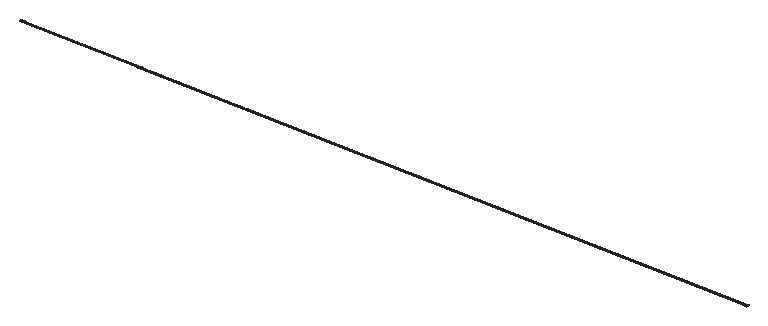
Revit family "0068172", category Lighting Fixtures, host Face, Revit 2017 (continued)
Forms (mm)
  Extrusion 71, solid
    sketch origin (999.592, 0, 0) x (1, 0, 0) y (0, 1, 0)
      loop
        line (86.3, -1.5) -> (86.3, 1.5) -> (84.3, 1.5) -> (84.3, -1.5) -> (86.3, -1.5)
    from -1.2 to -0.5
  Extrusion 72, solid
    sketch origin (1099.551, 0, 0) x (1, 0, 0) y (0, 1, 0)
      loop
        line (19.9, 1.5) -> (17.9, 1.5) -> (17.9, -1.5) -> (19.9, -1.5) -> (19.9, 1.5)
      loop
        line (34.5, 1.5) -> (34.5, -1.5) -> (36.5, -1.5) -> (36.5, 1.5) -> (34.5, 1.5)
      loop
        line (69.7, 1.5) -> (67.7, 1.5) -> (67.7, -1.5) -> (69.7, -1.5) -> (69.7, 1.5)
      loop
        line (86.3, -1.5) -> (86.3, 1.5) -> (84.3, 1.5) -> (84.3, -1.5) -> (86.3, -1.5)
    from -1.2 to -0.5
  Extrusion 73, solid
    sketch origin (1199.51, 0, 0) x (1, 0, 0) y (0, 1, 0)
      loop
        line (19.9, 1.5) -> (17.9, 1.5) -> (17.9, -1.5) -> (19.9, -1.5) -> (19.9, 1.5)
      loop
        line (34.5, 1.5) -> (34.5, -1.5) -> (36.5, -1.5) -> (36.5, 1.5) -> (34.5, 1.5)
      loop
        line (69.7, 1.5) -> (67.7, 1.5) -> (67.7, -1.5) -> (69.7, -1.5) -> (69.7, 1.5)
      loop
        line (86.3, -1.5) -> (86.3, 1.5) -> (84.3, 1.5) -> (84.3, -1.5) -> (86.3, -1.5)
    from -1.2 to -0.5
  Extrusion 74, solid
    sketch origin (1299.469, 0, 0) x (1, 0, 0) y (0, 1, 0)
      loop
        line (19.9, 1.5) -> (17.9, 1.5) -> (17.9, -1.5) -> (19.9, -1.5) -> (19.9, 1.5)
      loop
        line (34.5, 1.5) -> (34.5, -1.5) -> (36.5, -1.5) -> (36.5, 1.5) -> (34.5, 1.5)
      loop
        line (69.7, 1.5) -> (67.7, 1.5) -> (67.7, -1.5) -> (69.7, -1.5) -> (69.7, 1.5)
      loop
        line (86.3, -1.5) -> (86.3, 1.5) -> (84.3, 1.5) -> (84.3, -1.5) -> (86.3, -1.5)
    from -1.2 to -0.5
  Extrusion 75, solid
    sketch origin (1399.429, 0, 0) x (1, 0, 0) y (0, 1, 0)
      loop
        line (19.9, 1.5) -> (17.9, 1.5) -> (17.9, -1.5) -> (19.9, -1.5) -> (19.9, 1.5)
      loop
        line (34.5, 1.5) -> (34.5, -1.5) -> (36.5, -1.5) -> (36.5, 1.5) -> (34.5, 1.5)
      loop
        line (69.7, 1.5) -> (67.7, 1.5) -> (67.7, -1.5) -> (69.7, -1.5) -> (69.7, 1.5)
      loop
        line (86.3, -1.5) -> (86.3, 1.5) -> (84.3, 1.5) -> (84.3, -1.5) -> (86.3, -1.5)
    from -1.2 to -0.5
  Extrusion 76, solid
    sketch origin (1499.388, 0, 0) x (1, 0, 0) y (0, 1, 0)
      loop
        line (19.9, 1.5) -> (17.9, 1.5) -> (17.9, -1.5) -> (19.9, -1.5) -> (19.9, 1.5)
      loop
        line (34.5, 1.5) -> (34.5, -1.5) -> (36.5, -1.5) -> (36.5, 1.5) -> (34.5, 1.5)
      loop
        line (69.7, 1.5) -> (67.7, 1.5) -> (67.7, -1.5) -> (69.7, -1.5) -> (69.7, 1.5)
      loop
        line (86.3, -1.5) -> (86.3, 1.5) -> (84.3, 1.5) -> (84.3, -1.5) -> (86.3, -1.5)
    from -1.2 to -0.5
  Extrusion 77, solid
    sketch origin (1599.347, 0, 0) x (1, 0, 0) y (0, 1, 0)
      loop
        line (19.9, 1.5) -> (17.9, 1.5) -> (17.9, -1.5) -> (19.9, -1.5) -> (19.9, 1.5)
      loop
        line (34.5, 1.5) -> (34.5, -1.5) -> (36.5, -1.5) -> (36.5, 1.5) -> (34.5, 1.5)
      loop
        line (69.7, 1.5) -> (67.7, 1.5) -> (67.7, -1.5) -> (69.7, -1.5) -> (69.7, 1.5)
      loop
        line (86.3, -1.5) -> (86.3, 1.5) -> (84.3, 1.5) -> (84.3, -1.5) -> (86.3, -1.5)
    from -1.2 to -0.5
  Extrusion 78, solid
    sketch origin (1699.306, 0, 0) x (1, 0, 0) y (0, 1, 0)
      loop
        line (19.9, 1.5) -> (17.9, 1.5) -> (17.9, -1.5) -> (19.9, -1.5) -> (19.9, 1.5)
      loop
        line (34.5, 1.5) -> (34.5, -1.5) -> (36.5, -1.5) -> (36.5, 1.5) -> (34.5, 1.5)
      loop
        line (69.7, 1.5) -> (67.7, 1.5) -> (67.7, -1.5) -> (69.7, -1.5) -> (69.7, 1.5)
      loop
        line (86.3, -1.5) -> (86.3, 1.5) -> (84.3, 1.5) -> (84.3, -1.5) -> (86.3, -1.5)
    from -1.2 to -0.5
  Extrusion 79, solid
    sketch origin (1799.265, 0, 0) x (1, 0, 0) y (0, 1, 0)
      loop
        line (19.9, 1.5) -> (17.9, 1.5) -> (17.9, -1.5) -> (19.9, -1.5) -> (19.9, 1.5)
      loop
        line (34.5, 1.5) -> (34.5, -1.5) -> (36.5, -1.5) -> (36.5, 1.5) -> (34.5, 1.5)
      loop
        line (69.7, 1.5) -> (67.7, 1.5) -> (67.7, -1.5) -> (69.7, -1.5) -> (69.7, 1.5)
      loop
        line (86.3, -1.5) -> (86.3, 1.5) -> (84.3, 1.5) -> (84.3, -1.5) -> (86.3, -1.5)
    from -1.2 to -0.5
  Extrusion 80, solid
    sketch origin (1899.224, 0, 0) x (1, 0, 0) y (0, 1, 0)
      loop
        line (19.9, 1.5) -> (17.9, 1.5) -> (17.9, -1.5) -> (19.9, -1.5) -> (19.9, 1.5)
      loop
        line (34.5, 1.5) -> (34.5, -1.5) -> (36.5, -1.5) -> (36.5, 1.5) -> (34.5, 1.5)
      loop
        line (69.7, 1.5) -> (67.7, 1.5) -> (67.7, -1.5) -> (69.7, -1.5) -> (69.7, 1.5)
      loop
        line (86.3, -1.5) -> (86.3, 1.5) -> (84.3, 1.5) -> (84.3, -1.5) -> (86.3, -1.5)
    from -1.2 to -0.5
  Extrusion 81, solid
    sketch origin (1999.184, 0, 0) x (1, 0, 0) y (0, 1, 0)
      loop
        line (19.9, 1.5) -> (17.9, 1.5) -> (17.9, -1.5) -> (19.9, -1.5) -> (19.9, 1.5)
      loop
        line (34.5, 1.5) -> (34.5, -1.5) -> (36.5, -1.5) -> (36.5, 1.5) -> (34.5, 1.5)
      loop
        line (69.7, 1.5) -> (67.7, 1.5) -> (67.7, -1.5) -> (69.7, -1.5) -> (69.7, 1.5)
      loop
        line (86.3, -1.5) -> (86.3, 1.5) -> (84.3, 1.5) -> (84.3, -1.5) -> (86.3, -1.5)
    from -1.2 to -0.5
  Extrusion 82, solid
    sketch origin (2099.143, 0, 0) x (1, 0, 0) y (0, 1, 0)
      loop
        line (19.9, 1.5) -> (17.9, 1.5) -> (17.9, -1.5) -> (19.9, -1.5) -> (19.9, 1.5)
      loop
        line (34.5, 1.5) -> (34.5, -1.5) -> (36.5, -1.5) -> (36.5, 1.5) -> (34.5, 1.5)
      loop
        line (69.7, 1.5) -> (67.7, 1.5) -> (67.7, -1.5) -> (69.7, -1.5) -> (69.7, 1.5)
      loop
        line (86.3, -1.5) -> (86.3, 1.5) -> (84.3, 1.5) -> (84.3, -1.5) -> (86.3, -1.5)
    from -1.2 to -0.5
  Extrusion 83, solid
    sketch origin (2199.102, 0, 0) x (1, 0, 0) y (0, 1, 0)
      loop
        line (19.9, 1.5) -> (17.9, 1.5) -> (17.9, -1.5) -> (19.9, -1.5) -> (19.9, 1.5)
      loop
        line (34.5, 1.5) -> (34.5, -1.5) -> (36.5, -1.5) -> (36.5, 1.5) -> (34.5, 1.5)
      loop
        line (69.7, 1.5) -> (67.7, 1.5) -> (67.7, -1.5) -> (69.7, -1.5) -> (69.7, 1.5)
      loop
        line (86.3, -1.5) -> (86.3, 1.5) -> (84.3, 1.5) -> (84.3, -1.5) -> (86.3, -1.5)
    from -1.2 to -0.5
  Extrusion 84, solid
    sketch origin (2299.061, 0, 0) x (1, 0, 0) y (0, 1, 0)
      loop
        line (19.9, 1.5) -> (17.9, 1.5) -> (17.9, -1.5) -> (19.9, -1.5) -> (19.9, 1.5)
      loop
        line (34.5, 1.5) -> (34.5, -1.5) -> (36.5, -1.5) -> (36.5, 1.5) -> (34.5, 1.5)
      loop
        line (69.7, 1.5) -> (67.7, 1.5) -> (67.7, -1.5) -> (69.7, -1.5) -> (69.7, 1.5)
      loop
        line (86.3, -1.5) -> (86.3, 1.5) -> (84.3, 1.5) -> (84.3, -1.5) -> (86.3, -1.5)
    from -1.2 to -0.5
  Extrusion 85, solid
    sketch origin (2399.02, 0, 0) x (1, 0, 0) y (0, 1, 0)
      loop
        line (19.9, 1.5) -> (17.9, 1.5) -> (17.9, -1.5) -> (19.9, -1.5) -> (19.9, 1.5)
      loop
        line (34.5, 1.5) -> (34.5, -1.5) -> (36.5, -1.5) -> (36.5, 1.5) -> (34.5, 1.5)
      loop
        line (69.7, 1.5) -> (67.7, 1.5) -> (67.7, -1.5) -> (69.7, -1.5) -> (69.7, 1.5)
      loop
        line (86.3, -1.5) -> (86.3, 1.5) -> (84.3, 1.5) -> (84.3, -1.5) -> (86.3, -1.5)
    from -1.2 to -0.5
  Extrusion 86, solid
    sketch origin (2498.98, 0, 0) x (1, 0, 0) y (0, 1, 0)
      loop
        line (19.9, 1.5) -> (17.9, 1.5) -> (17.9, -1.5) -> (19.9, -1.5) -> (19.9, 1.5)
      loop
        line (34.5, 1.5) -> (34.5, -1.5) -> (36.5, -1.5) -> (36.5, 1.5) -> (34.5, 1.5)
      loop
        line (69.7, 1.5) -> (67.7, 1.5) -> (67.7, -1.5) -> (69.7, -1.5) -> (69.7, 1.5)
      loop
        line (86.3, -1.5) -> (86.3, 1.5) -> (84.3, 1.5) -> (84.3, -1.5) -> (86.3, -1.5)
    from -1.2 to -0.5
  Extrusion 87, solid
    sketch origin (2598.939, 0, 0) x (1, 0, 0) y (0, 1, 0)
      loop
        line (19.9, 1.5) -> (17.9, 1.5) -> (17.9, -1.5) -> (19.9, -1.5) -> (19.9, 1.5)
      loop
        line (34.5, 1.5) -> (34.5, -1.5) -> (36.5, -1.5) -> (36.5, 1.5) -> (34.5, 1.5)
      loop
        line (69.7, 1.5) -> (67.7, 1.5) -> (67.7, -1.5) -> (69.7, -1.5) -> (69.7, 1.5)
      loop
        line (86.3, -1.5) -> (86.3, 1.5) -> (84.3, 1.5) -> (84.3, -1.5) -> (86.3, -1.5)
    from -1.2 to -0.5
  Extrusion 88, solid
    sketch origin (2698.898, 0, 0) x (1, 0, 0) y (0, 1, 0)
      loop
        line (19.9, 1.5) -> (17.9, 1.5) -> (17.9, -1.5) -> (19.9, -1.5) -> (19.9, 1.5)
      loop
        line (34.5, 1.5) -> (34.5, -1.5) -> (36.5, -1.5) -> (36.5, 1.5) -> (34.5, 1.5)
      loop
        line (69.7, 1.5) -> (67.7, 1.5) -> (67.7, -1.5) -> (69.7, -1.5) -> (69.7, 1.5)
      loop
        line (86.3, -1.5) -> (86.3, 1.5) -> (84.3, 1.5) -> (84.3, -1.5) -> (86.3, -1.5)
    from -1.2 to -0.5
  Extrusion 89, solid
    sketch origin (2798.857, 0, 0) x (1, 0, 0) y (0, 1, 0)
      loop
        line (19.9, 1.5) -> (17.9, 1.5) -> (17.9, -1.5) -> (19.9, -1.5) -> (19.9, 1.5)
      loop
        line (34.5, 1.5) -> (34.5, -1.5) -> (36.5, -1.5) -> (36.5, 1.5) -> (34.5, 1.5)
      loop
        line (69.7, 1.5) -> (67.7, 1.5) -> (67.7, -1.5) -> (69.7, -1.5) -> (69.7, 1.5)
      loop
        line (86.3, -1.5) -> (86.3, 1.5) -> (84.3, 1.5) -> (84.3, -1.5) -> (86.3, -1.5)
    from -1.2 to -0.5
  Extrusion 90, solid
    sketch origin (2898.816, 0, 0) x (1, 0, 0) y (0, 1, 0)
      loop
        line (19.9, 1.5) -> (17.9, 1.5) -> (17.9, -1.5) -> (19.9, -1.5) -> (19.9, 1.5)
      loop
        line (34.5, 1.5) -> (34.5, -1.5) -> (36.5, -1.5) -> (36.5, 1.5) -> (34.5, 1.5)
      loop
        line (69.7, 1.5) -> (67.7, 1.5) -> (67.7, -1.5) -> (69.7, -1.5) -> (69.7, 1.5)
      loop
        line (86.3, -1.5) -> (86.3, 1.5) -> (84.3, 1.5) -> (84.3, -1.5) -> (86.3, -1.5)
    from -1.2 to -0.5
  Extrusion 91, solid
    sketch origin (2998.776, 0, 0) x (1, 0, 0) y (0, 1, 0)
      loop
        line (19.9, 1.5) -> (17.9, 1.5) -> (17.9, -1.5) -> (19.9, -1.5) -> (19.9, 1.5)
      loop
        line (34.5, 1.5) -> (34.5, -1.5) -> (36.5, -1.5) -> (36.5, 1.5) -> (34.5, 1.5)
      loop
        line (69.7, 1.5) -> (67.7, 1.5) -> (67.7, -1.5) -> (69.7, -1.5) -> (69.7, 1.5)
      loop
        line (86.3, -1.5) -> (86.3, 1.5) -> (84.3, 1.5) -> (84.3, -1.5) -> (86.3, -1.5)
    from -1.2 to -0.5
  Extrusion 92, solid
    sketch origin (3098.735, 0, 0) x (1, 0, 0) y (0, 1, 0)
      loop
        line (19.9, 1.5) -> (17.9, 1.5) -> (17.9, -1.5) -> (19.9, -1.5) -> (19.9, 1.5)
      loop
        line (34.5, 1.5) -> (34.5, -1.5) -> (36.5, -1.5) -> (36.5, 1.5) -> (34.5, 1.5)
      loop
        line (69.7, 1.5) -> (67.7, 1.5) -> (67.7, -1.5) -> (69.7, -1.5) -> (69.7, 1.5)
      loop
        line (86.3, -1.5) -> (86.3, 1.5) -> (84.3, 1.5) -> (84.3, -1.5) -> (86.3, -1.5)
    from -1.2 to -0.5
  Extrusion 93, solid
    sketch origin (3198.694, 0, 0) x (1, 0, 0) y (0, 1, 0)
      loop
        line (19.9, 1.5) -> (17.9, 1.5) -> (17.9, -1.5) -> (19.9, -1.5) -> (19.9, 1.5)
      loop
        line (34.5, 1.5) -> (34.5, -1.5) -> (36.5, -1.5) -> (36.5, 1.5) -> (34.5, 1.5)
      loop
        line (69.7, 1.5) -> (67.7, 1.5) -> (67.7, -1.5) -> (69.7, -1.5) -> (69.7, 1.5)
      loop
        line (86.3, -1.5) -> (86.3, 1.5) -> (84.3, 1.5) -> (84.3, -1.5) -> (86.3, -1.5)
    from -1.2 to -0.5
  Extrusion 94, solid
    sketch origin (3298.653, 0, 0) x (1, 0, 0) y (0, 1, 0)
      loop
        line (19.9, 1.5) -> (17.9, 1.5) -> (17.9, -1.5) -> (19.9, -1.5) -> (19.9, 1.5)
      loop
        line (34.5, 1.5) -> (34.5, -1.5) -> (36.5, -1.5) -> (36.5, 1.5) -> (34.5, 1.5)
      loop
        line (69.7, 1.5) -> (67.7, 1.5) -> (67.7, -1.5) -> (69.7, -1.5) -> (69.7, 1.5)
      loop
        line (86.3, -1.5) -> (86.3, 1.5) -> (84.3, 1.5) -> (84.3, -1.5) -> (86.3, -1.5)
    from -1.2 to -0.5
  Extrusion 95, solid
    sketch origin (3398.612, 0, 0) x (1, 0, 0) y (0, 1, 0)
      loop
        line (19.9, 1.5) -> (17.9, 1.5) -> (17.9, -1.5) -> (19.9, -1.5) -> (19.9, 1.5)
      loop
        line (34.5, 1.5) -> (34.5, -1.5) -> (36.5, -1.5) -> (36.5, 1.5) -> (34.5, 1.5)
      loop
        line (69.7, 1.5) -> (67.7, 1.5) -> (67.7, -1.5) -> (69.7, -1.5) -> (69.7, 1.5)
      loop
        line (86.3, -1.5) -> (86.3, 1.5) -> (84.3, 1.5) -> (84.3, -1.5) -> (86.3, -1.5)
    from -1.2 to -0.5
  Extrusion 96, solid
    sketch origin (3498.571, 0, 0) x (1, 0, 0) y (0, 1, 0)
      loop
        line (19.9, 1.5) -> (17.9, 1.5) -> (17.9, -1.5) -> (19.9, -1.5) -> (19.9, 1.5)
      loop
        line (34.5, 1.5) -> (34.5, -1.5) -> (36.5, -1.5) -> (36.5, 1.5) -> (34.5, 1.5)
      loop
        line (69.7, 1.5) -> (67.7, 1.5) -> (67.7, -1.5) -> (69.7, -1.5) -> (69.7, 1.5)
      loop
        line (86.3, -1.5) -> (86.3, 1.5) -> (84.3, 1.5) -> (84.3, -1.5) -> (86.3, -1.5)
    from -1.2 to -0.5
  Extrusion 97, solid
    sketch origin (3598.531, 0, 0) x (1, 0, 0) y (0, 1, 0)
      loop
        line (19.9, 1.5) -> (17.9, 1.5) -> (17.9, -1.5) -> (19.9, -1.5) -> (19.9, 1.5)
      loop
        line (34.5, 1.5) -> (34.5, -1.5) -> (36.5, -1.5) -> (36.5, 1.5) -> (34.5, 1.5)
      loop
        line (69.7, 1.5) -> (67.7, 1.5) -> (67.7, -1.5) -> (69.7, -1.5) -> (69.7, 1.5)
      loop
        line (86.3, -1.5) -> (86.3, 1.5) -> (84.3, 1.5) -> (84.3, -1.5) -> (86.3, -1.5)
    from -1.2 to -0.5
  Extrusion 98, solid
    sketch origin (3698.49, 0, 0) x (1, 0, 0) y (0, 1, 0)
      loop
        line (19.9, 1.5) -> (17.9, 1.5) -> (17.9, -1.5) -> (19.9, -1.5) -> (19.9, 1.5)
      loop
        line (34.5, 1.5) -> (34.5, -1.5) -> (36.5, -1.5) -> (36.5, 1.5) -> (34.5, 1.5)
      loop
        line (69.7, 1.5) -> (67.7, 1.5) -> (67.7, -1.5) -> (69.7, -1.5) -> (69.7, 1.5)
      loop
        line (86.3, -1.5) -> (86.3, 1.5) -> (84.3, 1.5) -> (84.3, -1.5) -> (86.3, -1.5)
    from -1.2 to -0.5
  Extrusion 99, solid
    sketch origin (3798.449, 0, 0) x (1, 0, 0) y (0, 1, 0)
      loop
        line (19.9, 1.5) -> (17.9, 1.5) -> (17.9, -1.5) -> (19.9, -1.5) -> (19.9, 1.5)
      loop
        line (34.5, 1.5) -> (34.5, -1.5) -> (36.5, -1.5) -> (36.5, 1.5) -> (34.5, 1.5)
      loop
        line (69.7, 1.5) -> (67.7, 1.5) -> (67.7, -1.5) -> (69.7, -1.5) -> (69.7, 1.5)
      loop
        line (86.3, -1.5) -> (86.3, 1.5) -> (84.3, 1.5) -> (84.3, -1.5) -> (86.3, -1.5)
    from -1.2 to -0.5
  Extrusion 100, solid
    sketch origin (3898.408, 0, 0) x (1, 0, 0) y (0, 1, 0)
      loop
        line (19.9, 1.5) -> (17.9, 1.5) -> (17.9, -1.5) -> (19.9, -1.5) -> (19.9, 1.5)
      loop
        line (34.5, 1.5) -> (34.5, -1.5) -> (36.5, -1.5) -> (36.5, 1.5) -> (34.5, 1.5)
      loop
        line (69.7, 1.5) -> (67.7, 1.5) -> (67.7, -1.5) -> (69.7, -1.5) -> (69.7, 1.5)
      loop
        line (86.3, -1.5) -> (86.3, 1.5) -> (84.3, 1.5) -> (84.3, -1.5) -> (86.3, -1.5)
    from -1.2 to -0.5
  Extrusion 101, solid
    sketch origin (3998.367, 0, 0) x (1, 0, 0) y (0, 1, 0)
      loop
        line (19.9, 1.5) -> (17.9, 1.5) -> (17.9, -1.5) -> (19.9, -1.5) -> (19.9, 1.5)
      loop
        line (34.5, 1.5) -> (34.5, -1.5) -> (36.5, -1.5) -> (36.5, 1.5) -> (34.5, 1.5)
      loop
        line (69.7, 1.5) -> (67.7, 1.5) -> (67.7, -1.5) -> (69.7, -1.5) -> (69.7, 1.5)
      loop
        line (86.3, -1.5) -> (86.3, 1.5) -> (84.3, 1.5) -> (84.3, -1.5) -> (86.3, -1.5)
    from -1.2 to -0.5
  Extrusion 102, solid
    sketch origin (4098.327, 0, 0) x (1, 0, 0) y (0, 1, 0)
      loop
        line (19.9, 1.5) -> (17.9, 1.5) -> (17.9, -1.5) -> (19.9, -1.5) -> (19.9, 1.5)
      loop
        line (34.5, 1.5) -> (34.5, -1.5) -> (36.5, -1.5) -> (36.5, 1.5) -> (34.5, 1.5)
      loop
        line (69.7, 1.5) -> (67.7, 1.5) -> (67.7, -1.5) -> (69.7, -1.5) -> (69.7, 1.5)
      loop
        line (86.3, -1.5) -> (86.3, 1.5) -> (84.3, 1.5) -> (84.3, -1.5) -> (86.3, -1.5)
    from -1.2 to -0.5
  Extrusion 103, solid
    sketch origin (4198.286, 0, 0) x (1, 0, 0) y (0, 1, 0)
      loop
        line (19.9, 1.5) -> (17.9, 1.5) -> (17.9, -1.5) -> (19.9, -1.5) -> (19.9, 1.5)
      loop
        line (34.5, 1.5) -> (34.5, -1.5) -> (36.5, -1.5) -> (36.5, 1.5) -> (34.5, 1.5)
      loop
        line (69.7, 1.5) -> (67.7, 1.5) -> (67.7, -1.5) -> (69.7, -1.5) -> (69.7, 1.5)
      loop
        line (86.3, -1.5) -> (86.3, 1.5) -> (84.3, 1.5) -> (84.3, -1.5) -> (86.3, -1.5)
    from -1.2 to -0.5
  Extrusion 104, solid
    sketch origin (4298.245, 0, 0) x (1, 0, 0) y (0, 1, 0)
      loop
        line (19.9, 1.5) -> (17.9, 1.5) -> (17.9, -1.5) -> (19.9, -1.5) -> (19.9, 1.5)
      loop
        line (34.5, 1.5) -> (34.5, -1.5) -> (36.5, -1.5) -> (36.5, 1.5) -> (34.5, 1.5)
      loop
        line (69.7, 1.5) -> (67.7, 1.5) -> (67.7, -1.5) -> (69.7, -1.5) -> (69.7, 1.5)
      loop
        line (86.3, -1.5) -> (86.3, 1.5) -> (84.3, 1.5) -> (84.3, -1.5) -> (86.3, -1.5)
    from -1.2 to -0.5
  Extrusion 105, solid
    sketch origin (4398.204, 0, 0) x (1, 0, 0) y (0, 1, 0)
      loop
        line (19.9, 1.5) -> (17.9, 1.5) -> (17.9, -1.5) -> (19.9, -1.5) -> (19.9, 1.5)
      loop
        line (34.5, 1.5) -> (34.5, -1.5) -> (36.5, -1.5) -> (36.5, 1.5) -> (34.5, 1.5)
      loop
        line (69.7, 1.5) -> (67.7, 1.5) -> (67.7, -1.5) -> (69.7, -1.5) -> (69.7, 1.5)
      loop
        line (86.3, -1.5) -> (86.3, 1.5) -> (84.3, 1.5) -> (84.3, -1.5) -> (86.3, -1.5)
    from -1.2 to -0.5
  Extrusion 106, solid
    sketch origin (4498.163, 0, 0) x (1, 0, 0) y (0, 1, 0)
      loop
        line (19.9, 1.5) -> (17.9, 1.5) -> (17.9, -1.5) -> (19.9, -1.5) -> (19.9, 1.5)
      loop
        line (34.5, 1.5) -> (34.5, -1.5) -> (36.5, -1.5) -> (36.5, 1.5) -> (34.5, 1.5)
      loop
        line (69.7, 1.5) -> (67.7, 1.5) -> (67.7, -1.5) -> (69.7, -1.5) -> (69.7, 1.5)
      loop
        line (86.3, -1.5) -> (86.3, 1.5) -> (84.3, 1.5) -> (84.3, -1.5) -> (86.3, -1.5)
    from -1.2 to -0.5
  Extrusion 107, solid
    sketch origin (4598.122, 0, 0) x (1, 0, 0) y (0, 1, 0)
      loop
        line (19.9, 1.5) -> (17.9, 1.5) -> (17.9, -1.5) -> (19.9, -1.5) -> (19.9, 1.5)
      loop
        line (34.5, 1.5) -> (34.5, -1.5) -> (36.5, -1.5) -> (36.5, 1.5) -> (34.5, 1.5)
      loop
        line (69.7, 1.5) -> (67.7, 1.5) -> (67.7, -1.5) -> (69.7, -1.5) -> (69.7, 1.5)
      loop
        line (86.3, -1.5) -> (86.3, 1.5) -> (84.3, 1.5) -> (84.3, -1.5) -> (86.3, -1.5)
    from -1.2 to -0.5
  Extrusion 108, solid
    sketch origin (4698.082, 0, 0) x (1, 0, 0) y (0, 1, 0)
      loop
        line (19.9, 1.5) -> (17.9, 1.5) -> (17.9, -1.5) -> (19.9, -1.5) -> (19.9, 1.5)
      loop
        line (34.5, 1.5) -> (34.5, -1.5) -> (36.5, -1.5) -> (36.5, 1.5) -> (34.5, 1.5)
      loop
        line (69.7, 1.5) -> (67.7, 1.5) -> (67.7, -1.5) -> (69.7, -1.5) -> (69.7, 1.5)
      loop
        line (86.3, -1.5) -> (86.3, 1.5) -> (84.3, 1.5) -> (84.3, -1.5) -> (86.3, -1.5)
    from -1.2 to -0.5
  Extrusion 109, solid
    sketch origin (4798.041, 0, 0) x (1, 0, 0) y (0, 1, 0)
      loop
        line (19.9, 1.5) -> (17.9, 1.5) -> (17.9, -1.5) -> (19.9, -1.5) -> (19.9, 1.5)
      loop
        line (34.5, 1.5) -> (34.5, -1.5) -> (36.5, -1.5) -> (36.5, 1.5) -> (34.5, 1.5)
      loop
        line (69.7, 1.5) -> (67.7, 1.5) -> (67.7, -1.5) -> (69.7, -1.5) -> (69.7, 1.5)
      loop
        line (86.3, -1.5) -> (86.3, 1.5) -> (84.3, 1.5) -> (84.3, -1.5) -> (86.3, -1.5)
    from -1.2 to -0.5
Dimensions and locks
  "CABLE_LENGHT_SYL": plane 7 to plane 3 "Center (Left/Right)"
  "LUM_WIDTH_SYL": plane 6 to plane 1 "Center (Front/Back)" to plane 5
  "CABLE_BLEND_SYL": plane 8 to plane 3 "Center (Left/Right)"
  "CABLE_END_SYL": plane 7 to plane 9
  "LUM_LENGHT_SYL": plane 3 "Center (Left/Right)" to plane 4
  "CABLE_DIST_SYL": plane 11 to plane 1 "Center (Front/Back)" to plane 10
  "CABLE_DIST2_SYL": plane 12 to plane 5
  "CABLE_DIST2_SYL": plane 6 to plane 13
  "LED_DIST1_SYL": plane 3 "Center (Left/Right)" to plane 14
  "LED_DIST_SYL": plane 14 to plane 15 to plane 16 to plane 17 to plane 18 to plane 19
  "LED_DIST_SYL": plane 34 to plane 35
  "LED_DIST_SYL": plane 36 to plane 37
  "LED_2_DIST_SYL": plane 35 to plane 36
  "LED_CH_S_WIDTH_SYL": plane 47 to plane 1 "Center (Front/Back)" to plane 46
  "LED_CH_L_WIDTH_SYL": plane 21 to plane 1 "Center (Front/Back)" to plane 20
  "LED_CH_L_DEPTH_SYL": plane 23 to plane 14 to plane 22
  "LED_CH_L_DEPTH_SYL": plane 25 to plane 15 to plane 24
  "LED_CH_L_DEPTH_SYL": plane 27 to plane 16 to plane 26
  "LED_CH_L_DEPTH_SYL": plane 28 to plane 17 to plane 29
  "LED_CH_L_DEPTH_SYL": plane 30 to plane 18 to plane 31
  "LED_CH_L_DEPTH_SYL": plane 33 to plane 19 to plane 32
  "LED_CH_S_DEPTH_SYL": plane 39 to plane 34 to plane 38
  "LED_CH_S_DEPTH_SYL": plane 40 to plane 35 to plane 41
  "LED_CH_S_DEPTH_SYL": plane 43 to plane 36 to plane 42
  "LED_CH_S_DEPTH_SYL": plane 44 to plane 37 to plane 45
  equal spacing: group 1, group 3, group 4, group 5, group 6, group 7, group 8, group 9, group 10, group 11, group 12, group 13, group 14, group 15, group 16, group 17, group 18, group 19, group 20, group 21, group 22, group 23, group 24, group 25, group 26, group 27, group 28, group 29, group 30, group 31, group 32, group 33, group 34, group 35, group 36, group 37, group 38, group 39, group 40, group 41, group 42, group 43, group 44, group 45, group 46, group 47, group 48, group 49, group 50, group 2  (x3)
  "PHOTOMETRY1_SYL": imposter light to plane 4
  "PHOTOMETRY2_SYL": imposter light to Extrusion 1
  "PHOTOMETRY3_SYL": Extrusion 29 to imposter light
  plane 4 to plane 49 = 5 mm
  "LUM__CAP_SYL": plane 48 to plane 3 "Center (Left/Right)"
  "LUM__CAP_SYL": plane 3 "Center (Left/Right)" to plane 50
  "LUM__CAP_SYL": plane 51 to plane 4
  "LUM__CAP_SYL": plane 4 to plane 49
  "LUM_CAD_W_SYL": plane 53 to plane 1 "Center (Front/Back)" to plane 52
  "LUM_PROT_SYL": plane 55 to plane 1 "Center (Front/Back)" to plane 54
  equal spacing: group 53, group 55, group 56, group 57, group 58, group 59, group 60, group 61, group 62, group 63, group 64, group 65, group 66, group 67, group 68, group 69, group 70, group 71, group 72, group 73, group 74, group 75, group 76, group 77, group 78, group 79, group 80, group 81, group 82, group 83, group 84, group 85, group 86, group 87, group 88, group 89, group 90, group 91, group 92, group 93, group 94, group 95, group 96, group 97, group 98, group 99, group 100, group 101, group 102, group 54  (x3)
  aligned and locked: host face to plane 2
  aligned and locked: host face to level
  aligned and locked: Extrusion 1 sketch curve to plane 4
  aligned and locked: Revolve 4 sketch curve to plane 10
  aligned and locked: Sweep 2 to Revolve 4 sketch curve
  aligned and locked: plane 12 to Revolve 4 sketch curve
  aligned and locked: plane 7 to Revolve 4 sketch curve
  aligned and locked: Revolve 5 sketch curve to plane 11  (x2)
  aligned and locked: Revolve 5 sketch curve to Sweep 3
  aligned and locked: plane 13 to Revolve 5 sketch curve
  aligned and locked: Revolve 5 sketch curve to plane 7
  aligned and locked: plane 3 "Center (Left/Right)" to Extrusion 1 sketch curve
  aligned and locked: Extrusion 58 sketch curve to plane 52
  aligned and locked: plane 50 to Extrusion 58 sketch curve
  aligned and locked: plane 53 to Extrusion 58 sketch curve
  aligned and locked: Extrusion 58 sketch curve to plane 48
  aligned and locked: Extrusion 59 sketch curve to plane 51
Automatic sketch dimensions
  level to Sweep 3 sketch curve = 0 mm
  Sweep 3 sketch curve to profile plane = 0 mm
  Sweep 2 sketch curve to level = 0 mm
  Sweep 2 sketch curve to profile plane = 0 mm
  host sketch curve to host sketch curve = 6451.645 mm
  host sketch curve to host sketch curve = 2438.4 mm
  Revolve 5 sketch curve to plane 7 = 1324 mm
  Extrusion 6 sketch curve to Extrusion 6 sketch curve = 2.8 mm  (x6)
  Extrusion 6 sketch curve to Extrusion 6 sketch curve = 13.8 mm  (x5)
  Extrusion 6 sketch curve to Extrusion 6 sketch curve = 0 mm  (x5)
  Extrusion 6 sketch curve to Extrusion 6 sketch curve = 3.4 mm  (x6)
  Extrusion 7 sketch curve to Extrusion 7 sketch curve = 2.8 mm  (x6)
  Extrusion 7 sketch curve to Extrusion 7 sketch curve = 13.8 mm  (x5)
  Extrusion 7 sketch curve to Extrusion 7 sketch curve = 0 mm  (x5)
  Extrusion 7 sketch curve to Extrusion 7 sketch curve = 3.4 mm  (x6)
  Extrusion 8 sketch curve to Extrusion 8 sketch curve = 2.8 mm  (x6)
  Extrusion 8 sketch curve to Extrusion 8 sketch curve = 13.8 mm  (x5)
  Extrusion 8 sketch curve to Extrusion 8 sketch curve = 0 mm  (x5)
  Extrusion 8 sketch curve to Extrusion 8 sketch curve = 3.4 mm  (x6)
  Extrusion 9 sketch curve to Extrusion 9 sketch curve = 2.8 mm  (x6)
  Extrusion 9 sketch curve to Extrusion 9 sketch curve = 13.8 mm  (x5)
  Extrusion 9 sketch curve to Extrusion 9 sketch curve = 0 mm  (x5)
  Extrusion 9 sketch curve to Extrusion 9 sketch curve = 3.4 mm  (x6)
  Extrusion 10 sketch curve to Extrusion 10 sketch curve = 2.8 mm  (x6)
  Extrusion 10 sketch curve to Extrusion 10 sketch curve = 13.8 mm  (x5)
  Extrusion 10 sketch curve to Extrusion 10 sketch curve = 0 mm  (x5)
  Extrusion 10 sketch curve to Extrusion 10 sketch curve = 3.4 mm  (x6)
  Extrusion 11 sketch curve to Extrusion 11 sketch curve = 2.8 mm  (x6)
  Extrusion 11 sketch curve to Extrusion 11 sketch curve = 13.8 mm  (x5)
  Extrusion 11 sketch curve to Extrusion 11 sketch curve = 0 mm  (x5)
  Extrusion 11 sketch curve to Extrusion 11 sketch curve = 3.4 mm  (x6)
  Extrusion 12 sketch curve to Extrusion 12 sketch curve = 2.8 mm  (x6)
  Extrusion 12 sketch curve to Extrusion 12 sketch curve = 13.8 mm  (x5)
  Extrusion 12 sketch curve to Extrusion 12 sketch curve = 0 mm  (x5)
  Extrusion 12 sketch curve to Extrusion 12 sketch curve = 3.4 mm  (x6)
  Extrusion 13 sketch curve to Extrusion 13 sketch curve = 2.8 mm  (x6)
  Extrusion 13 sketch curve to Extrusion 13 sketch curve = 13.8 mm  (x5)
  Extrusion 13 sketch curve to Extrusion 13 sketch curve = 0 mm  (x5)
  Extrusion 13 sketch curve to Extrusion 13 sketch curve = 3.4 mm  (x6)
  Extrusion 14 sketch curve to Extrusion 14 sketch curve = 2.8 mm  (x6)
  Extrusion 14 sketch curve to Extrusion 14 sketch curve = 13.8 mm  (x5)
  Extrusion 14 sketch curve to Extrusion 14 sketch curve = 0 mm  (x5)
  Extrusion 14 sketch curve to Extrusion 14 sketch curve = 3.4 mm  (x6)
  Extrusion 15 sketch curve to Extrusion 15 sketch curve = 2.8 mm  (x6)
  Extrusion 15 sketch curve to Extrusion 15 sketch curve = 13.8 mm  (x5)
  Extrusion 15 sketch curve to Extrusion 15 sketch curve = 0 mm  (x5)
  Extrusion 15 sketch curve to Extrusion 15 sketch curve = 3.4 mm  (x6)
  Extrusion 16 sketch curve to Extrusion 16 sketch curve = 2.8 mm  (x6)
  Extrusion 16 sketch curve to Extrusion 16 sketch curve = 13.8 mm  (x5)
  Extrusion 16 sketch curve to Extrusion 16 sketch curve = 0 mm  (x5)
  Extrusion 16 sketch curve to Extrusion 16 sketch curve = 3.4 mm  (x6)
  Extrusion 17 sketch curve to Extrusion 17 sketch curve = 2.8 mm  (x6)
  Extrusion 17 sketch curve to Extrusion 17 sketch curve = 13.8 mm  (x5)
  Extrusion 17 sketch curve to Extrusion 17 sketch curve = 0 mm  (x5)
  Extrusion 17 sketch curve to Extrusion 17 sketch curve = 3.4 mm  (x6)
  Extrusion 18 sketch curve to Extrusion 18 sketch curve = 2.8 mm  (x6)
  Extrusion 18 sketch curve to Extrusion 18 sketch curve = 13.8 mm  (x5)
  Extrusion 18 sketch curve to Extrusion 18 sketch curve = 0 mm  (x5)
  Extrusion 18 sketch curve to Extrusion 18 sketch curve = 3.4 mm  (x6)
  Extrusion 19 sketch curve to Extrusion 19 sketch curve = 2.8 mm  (x6)
  Extrusion 19 sketch curve to Extrusion 19 sketch curve = 13.8 mm  (x5)
  Extrusion 19 sketch curve to Extrusion 19 sketch curve = 0 mm  (x5)
  Extrusion 19 sketch curve to Extrusion 19 sketch curve = 3.4 mm  (x6)
  Extrusion 20 sketch curve to Extrusion 20 sketch curve = 2.8 mm  (x6)
  Extrusion 20 sketch curve to Extrusion 20 sketch curve = 13.8 mm  (x5)
  Extrusion 20 sketch curve to Extrusion 20 sketch curve = 0 mm  (x5)
  Extrusion 20 sketch curve to Extrusion 20 sketch curve = 3.4 mm  (x6)
  Extrusion 21 sketch curve to Extrusion 21 sketch curve = 2.8 mm  (x6)
  Extrusion 21 sketch curve to Extrusion 21 sketch curve = 13.8 mm  (x5)
  Extrusion 21 sketch curve to Extrusion 21 sketch curve = 0 mm  (x5)
  Extrusion 21 sketch curve to Extrusion 21 sketch curve = 3.4 mm  (x6)
  Extrusion 22 sketch curve to Extrusion 22 sketch curve = 2.8 mm  (x6)
  Extrusion 22 sketch curve to Extrusion 22 sketch curve = 13.8 mm  (x5)
  Extrusion 22 sketch curve to Extrusion 22 sketch curve = 0 mm  (x5)
  Extrusion 22 sketch curve to Extrusion 22 sketch curve = 3.4 mm  (x6)
  Extrusion 23 sketch curve to Extrusion 23 sketch curve = 2.8 mm  (x6)
  Extrusion 23 sketch curve to Extrusion 23 sketch curve = 13.8 mm  (x5)
  Extrusion 23 sketch curve to Extrusion 23 sketch curve = 0 mm  (x5)
  Extrusion 23 sketch curve to Extrusion 23 sketch curve = 3.4 mm  (x6)
  Extrusion 24 sketch curve to Extrusion 24 sketch curve = 2.8 mm  (x6)
  Extrusion 24 sketch curve to Extrusion 24 sketch curve = 13.8 mm  (x5)
  Extrusion 24 sketch curve to Extrusion 24 sketch curve = 0 mm  (x5)
  Extrusion 24 sketch curve to Extrusion 24 sketch curve = 3.4 mm  (x6)
  Extrusion 25 sketch curve to Extrusion 25 sketch curve = 2.8 mm  (x6)
  Extrusion 25 sketch curve to Extrusion 25 sketch curve = 13.8 mm  (x5)
  Extrusion 25 sketch curve to Extrusion 25 sketch curve = 0 mm  (x5)
  Extrusion 25 sketch curve to Extrusion 25 sketch curve = 3.4 mm  (x6)
  Extrusion 26 sketch curve to Extrusion 26 sketch curve = 2.8 mm  (x6)
  Extrusion 26 sketch curve to Extrusion 26 sketch curve = 13.8 mm  (x5)
  Extrusion 26 sketch curve to Extrusion 26 sketch curve = 0 mm  (x5)
  Extrusion 26 sketch curve to Extrusion 26 sketch curve = 3.4 mm  (x6)
  Extrusion 27 sketch curve to Extrusion 27 sketch curve = 2.8 mm  (x6)
  Extrusion 27 sketch curve to Extrusion 27 sketch curve = 13.8 mm  (x5)
  Extrusion 27 sketch curve to Extrusion 27 sketch curve = 0 mm  (x5)
  Extrusion 27 sketch curve to Extrusion 27 sketch curve = 3.4 mm  (x6)
  Extrusion 28 sketch curve to Extrusion 28 sketch curve = 2.8 mm  (x6)
  Extrusion 28 sketch curve to Extrusion 28 sketch curve = 13.8 mm  (x5)
  Extrusion 28 sketch curve to Extrusion 28 sketch curve = 0 mm  (x5)
  Extrusion 28 sketch curve to Extrusion 28 sketch curve = 3.4 mm  (x6)
  Extrusion 29 sketch curve to Extrusion 29 sketch curve = 2.8 mm  (x6)
  Extrusion 29 sketch curve to Extrusion 29 sketch curve = 13.8 mm  (x5)
  Extrusion 29 sketch curve to Extrusion 29 sketch curve = 0 mm  (x5)
  Extrusion 29 sketch curve to Extrusion 29 sketch curve = 3.4 mm  (x6)
  Extrusion 30 sketch curve to Extrusion 30 sketch curve = 2.8 mm  (x6)
  Extrusion 30 sketch curve to Extrusion 30 sketch curve = 13.8 mm  (x5)
  Extrusion 30 sketch curve to Extrusion 30 sketch curve = 0 mm  (x5)
  Extrusion 30 sketch curve to Extrusion 30 sketch curve = 3.4 mm  (x6)
  Extrusion 31 sketch curve to Extrusion 31 sketch curve = 2.8 mm  (x6)
  Extrusion 31 sketch curve to Extrusion 31 sketch curve = 13.8 mm  (x5)
  Extrusion 31 sketch curve to Extrusion 31 sketch curve = 0 mm  (x5)
  Extrusion 31 sketch curve to Extrusion 31 sketch curve = 3.4 mm  (x6)
  Extrusion 32 sketch curve to Extrusion 32 sketch curve = 2.8 mm  (x6)
  Extrusion 32 sketch curve to Extrusion 32 sketch curve = 13.8 mm  (x5)
  Extrusion 32 sketch curve to Extrusion 32 sketch curve = 0 mm  (x5)
  Extrusion 32 sketch curve to Extrusion 32 sketch curve = 3.4 mm  (x6)
  Extrusion 33 sketch curve to Extrusion 33 sketch curve = 2.8 mm  (x6)
  Extrusion 33 sketch curve to Extrusion 33 sketch curve = 13.8 mm  (x5)
  Extrusion 33 sketch curve to Extrusion 33 sketch curve = 0 mm  (x5)
  Extrusion 33 sketch curve to Extrusion 33 sketch curve = 3.4 mm  (x6)
  Extrusion 34 sketch curve to Extrusion 34 sketch curve = 2.8 mm  (x6)
  Extrusion 34 sketch curve to Extrusion 34 sketch curve = 13.8 mm  (x5)
  Extrusion 34 sketch curve to Extrusion 34 sketch curve = 0 mm  (x5)
  Extrusion 34 sketch curve to Extrusion 34 sketch curve = 3.4 mm  (x6)
  Extrusion 35 sketch curve to Extrusion 35 sketch curve = 2.8 mm  (x6)
  Extrusion 35 sketch curve to Extrusion 35 sketch curve = 13.8 mm  (x5)
  Extrusion 35 sketch curve to Extrusion 35 sketch curve = 0 mm  (x5)
  Extrusion 35 sketch curve to Extrusion 35 sketch curve = 3.4 mm  (x6)
  Extrusion 36 sketch curve to Extrusion 36 sketch curve = 2.8 mm  (x6)
  Extrusion 36 sketch curve to Extrusion 36 sketch curve = 13.8 mm  (x5)
  Extrusion 36 sketch curve to Extrusion 36 sketch curve = 0 mm  (x5)
  Extrusion 36 sketch curve to Extrusion 36 sketch curve = 3.4 mm  (x6)
  Extrusion 37 sketch curve to Extrusion 37 sketch curve = 2.8 mm  (x6)
  Extrusion 37 sketch curve to Extrusion 37 sketch curve = 13.8 mm  (x5)
  Extrusion 37 sketch curve to Extrusion 37 sketch curve = 0 mm  (x5)
  Extrusion 37 sketch curve to Extrusion 37 sketch curve = 3.4 mm  (x6)
  Extrusion 38 sketch curve to Extrusion 38 sketch curve = 2.8 mm  (x6)
  Extrusion 38 sketch curve to Extrusion 38 sketch curve = 13.8 mm  (x5)
  Extrusion 38 sketch curve to Extrusion 38 sketch curve = 0 mm  (x5)
  Extrusion 38 sketch curve to Extrusion 38 sketch curve = 3.4 mm  (x6)
  Extrusion 39 sketch curve to Extrusion 39 sketch curve = 2.8 mm  (x6)
  Extrusion 39 sketch curve to Extrusion 39 sketch curve = 13.8 mm  (x5)
  Extrusion 39 sketch curve to Extrusion 39 sketch curve = 0 mm  (x5)
  Extrusion 39 sketch curve to Extrusion 39 sketch curve = 3.4 mm  (x6)
  Extrusion 40 sketch curve to Extrusion 40 sketch curve = 2.8 mm  (x6)
  Extrusion 40 sketch curve to Extrusion 40 sketch curve = 13.8 mm  (x5)
  Extrusion 40 sketch curve to Extrusion 40 sketch curve = 0 mm  (x5)
  Extrusion 40 sketch curve to Extrusion 40 sketch curve = 3.4 mm  (x6)
  Extrusion 41 sketch curve to Extrusion 41 sketch curve = 2.8 mm  (x6)
  Extrusion 41 sketch curve to Extrusion 41 sketch curve = 13.8 mm  (x5)
  Extrusion 41 sketch curve to Extrusion 41 sketch curve = 0 mm  (x5)
  Extrusion 41 sketch curve to Extrusion 41 sketch curve = 3.4 mm  (x6)
  Extrusion 42 sketch curve to Extrusion 42 sketch curve = 2.8 mm  (x6)
  Extrusion 42 sketch curve to Extrusion 42 sketch curve = 13.8 mm  (x5)
  Extrusion 42 sketch curve to Extrusion 42 sketch curve = 0 mm  (x5)
  Extrusion 42 sketch curve to Extrusion 42 sketch curve = 3.4 mm  (x6)
  Extrusion 43 sketch curve to Extrusion 43 sketch curve = 2.8 mm  (x6)
  Extrusion 43 sketch curve to Extrusion 43 sketch curve = 13.8 mm  (x5)
  Extrusion 43 sketch curve to Extrusion 43 sketch curve = 0 mm  (x5)
  Extrusion 43 sketch curve to Extrusion 43 sketch curve = 3.4 mm  (x6)
  Extrusion 44 sketch curve to Extrusion 44 sketch curve = 2.8 mm  (x6)
  Extrusion 44 sketch curve to Extrusion 44 sketch curve = 13.8 mm  (x5)
  Extrusion 44 sketch curve to Extrusion 44 sketch curve = 0 mm  (x5)
  Extrusion 44 sketch curve to Extrusion 44 sketch curve = 3.4 mm  (x6)
  Extrusion 45 sketch curve to Extrusion 45 sketch curve = 2.8 mm  (x6)
  Extrusion 45 sketch curve to Extrusion 45 sketch curve = 13.8 mm  (x5)
  Extrusion 45 sketch curve to Extrusion 45 sketch curve = 0 mm  (x5)
  Extrusion 45 sketch curve to Extrusion 45 sketch curve = 3.4 mm  (x6)
  Extrusion 46 sketch curve to Extrusion 46 sketch curve = 2.8 mm  (x6)
  Extrusion 46 sketch curve to Extrusion 46 sketch curve = 13.8 mm  (x5)
  Extrusion 46 sketch curve to Extrusion 46 sketch curve = 0 mm  (x5)
  Extrusion 46 sketch curve to Extrusion 46 sketch curve = 3.4 mm  (x6)
  Extrusion 47 sketch curve to Extrusion 47 sketch curve = 2.8 mm  (x6)
  Extrusion 47 sketch curve to Extrusion 47 sketch curve = 13.8 mm  (x5)
  Extrusion 47 sketch curve to Extrusion 47 sketch curve = 0 mm  (x5)
  Extrusion 47 sketch curve to Extrusion 47 sketch curve = 3.4 mm  (x6)
  Extrusion 48 sketch curve to Extrusion 48 sketch curve = 2.8 mm  (x6)
  Extrusion 48 sketch curve to Extrusion 48 sketch curve = 13.8 mm  (x5)
  Extrusion 48 sketch curve to Extrusion 48 sketch curve = 0 mm  (x5)
  Extrusion 48 sketch curve to Extrusion 48 sketch curve = 3.4 mm  (x6)
  Extrusion 49 sketch curve to Extrusion 49 sketch curve = 2.8 mm  (x6)
  Extrusion 49 sketch curve to Extrusion 49 sketch curve = 13.8 mm  (x5)
  Extrusion 49 sketch curve to Extrusion 49 sketch curve = 0 mm  (x5)
  Extrusion 49 sketch curve to Extrusion 49 sketch curve = 3.4 mm  (x6)
  Extrusion 50 sketch curve to Extrusion 50 sketch curve = 2.8 mm  (x6)
  Extrusion 50 sketch curve to Extrusion 50 sketch curve = 13.8 mm  (x5)
  Extrusion 50 sketch curve to Extrusion 50 sketch curve = 0 mm  (x5)
  Extrusion 50 sketch curve to Extrusion 50 sketch curve = 3.4 mm  (x6)
  Extrusion 51 sketch curve to Extrusion 51 sketch curve = 2.8 mm  (x6)
  Extrusion 51 sketch curve to Extrusion 51 sketch curve = 13.8 mm  (x5)
  Extrusion 51 sketch curve to Extrusion 51 sketch curve = 0 mm  (x5)
  Extrusion 51 sketch curve to Extrusion 51 sketch curve = 3.4 mm  (x6)
  Extrusion 52 sketch curve to Extrusion 52 sketch curve = 2.8 mm  (x6)
  Extrusion 52 sketch curve to Extrusion 52 sketch curve = 13.8 mm  (x5)
  Extrusion 52 sketch curve to Extrusion 52 sketch curve = 0 mm  (x5)
  Extrusion 52 sketch curve to Extrusion 52 sketch curve = 3.4 mm  (x6)
  Extrusion 53 sketch curve to Extrusion 53 sketch curve = 2.8 mm  (x6)
  Extrusion 53 sketch curve to Extrusion 53 sketch curve = 13.8 mm  (x5)
  Extrusion 53 sketch curve to Extrusion 53 sketch curve = 0 mm  (x5)
  Extrusion 53 sketch curve to Extrusion 53 sketch curve = 3.4 mm  (x6)
  Extrusion 54 sketch curve to Extrusion 54 sketch curve = 2.8 mm  (x6)
  Extrusion 54 sketch curve to Extrusion 54 sketch curve = 13.8 mm  (x5)
  Extrusion 54 sketch curve to Extrusion 54 sketch curve = 0 mm  (x5)
  Extrusion 54 sketch curve to Extrusion 54 sketch curve = 3.4 mm  (x6)
  Extrusion 55 sketch curve to Extrusion 55 sketch curve = 2.8 mm  (x6)
  Extrusion 55 sketch curve to Extrusion 55 sketch curve = 13.8 mm  (x5)
  Extrusion 55 sketch curve to Extrusion 55 sketch curve = 0 mm  (x5)
  Extrusion 55 sketch curve to Extrusion 55 sketch curve = 3.4 mm  (x6)
  Extrusion 56 sketch curve to Extrusion 56 sketch curve = 2 mm  (x4)
  Extrusion 56 sketch curve to Extrusion 56 sketch curve = 14.6 mm  (x2)
  Extrusion 56 sketch curve to Extrusion 56 sketch curve = 31.2 mm
  Extrusion 56 sketch curve to Extrusion 56 sketch curve = 0 mm  (x3)
  Extrusion 56 sketch curve to Extrusion 56 sketch curve = 3 mm  (x4)
  Extrusion 57 sketch curve to Extrusion 57 sketch curve = 2 mm  (x4)
  Extrusion 57 sketch curve to Extrusion 57 sketch curve = 14.6 mm  (x2)
  Extrusion 57 sketch curve to Extrusion 57 sketch curve = 31.2 mm
  Extrusion 57 sketch curve to Extrusion 57 sketch curve = 0 mm  (x3)
  Extrusion 57 sketch curve to Extrusion 57 sketch curve = 3 mm  (x4)
  plane 32 to Revolve 5 sketch curve = 1429 mm
  plane 6 to Extrusion 1 sketch curve = 0 mm
  plane 5 to Extrusion 1 sketch curve = 0 mm
  Extrusion 58 sketch curve to plane 51 = 0 mm
  Extrusion 58 sketch curve to plane 49 = 0 mm
  plane 52 to Extrusion 58 sketch curve = 0.013 mm
  plane 53 to Extrusion 58 sketch curve = 0.029 mm
  Sweep 2 sketch curve to plane 9 = 0 mm
  plane 10 to Sweep 2 sketch curve = 0 mm
  Sweep 2 sketch curve to plane 48 = 0 mm
  Sweep 3 sketch curve to plane 9 = 0 mm
  plane 11 to Sweep 3 sketch curve = 0 mm
  Sweep 3 sketch curve to plane 48 = 0 mm
  Extrusion 59 sketch curve to plane 50 = 0 mm
  plane 55 to Extrusion 59 sketch curve = 0 mm
  plane 54 to Extrusion 59 sketch curve = 0 mm
  Extrusion 60 sketch curve to Extrusion 60 sketch curve = 2 mm  (x4)
  Extrusion 60 sketch curve to Extrusion 60 sketch curve = 14.6 mm  (x2)
  Extrusion 60 sketch curve to Extrusion 60 sketch curve = 31.2 mm
  Extrusion 60 sketch curve to Extrusion 60 sketch curve = 0 mm  (x3)
  Extrusion 60 sketch curve to Extrusion 60 sketch curve = 3 mm  (x4)
  Extrusion 61 sketch curve to Extrusion 61 sketch curve = 2 mm  (x4)
  Extrusion 61 sketch curve to Extrusion 61 sketch curve = 14.6 mm  (x2)
  Extrusion 61 sketch curve to Extrusion 61 sketch curve = 31.2 mm
  Extrusion 61 sketch curve to Extrusion 61 sketch curve = 0 mm  (x3)
  Extrusion 61 sketch curve to Extrusion 61 sketch curve = 3 mm  (x4)
  Extrusion 62 sketch curve to Extrusion 62 sketch curve = 2 mm  (x4)
  Extrusion 62 sketch curve to Extrusion 62 sketch curve = 14.6 mm  (x2)
  Extrusion 62 sketch curve to Extrusion 62 sketch curve = 31.2 mm
  Extrusion 62 sketch curve to Extrusion 62 sketch curve = 0 mm  (x3)
  Extrusion 62 sketch curve to Extrusion 62 sketch curve = 3 mm  (x4)
  Extrusion 63 sketch curve to Extrusion 63 sketch curve = 2 mm  (x4)
  Extrusion 63 sketch curve to Extrusion 63 sketch curve = 14.6 mm  (x2)
  Extrusion 63 sketch curve to Extrusion 63 sketch curve = 31.2 mm
  Extrusion 63 sketch curve to Extrusion 63 sketch curve = 0 mm  (x3)
  Extrusion 63 sketch curve to Extrusion 63 sketch curve = 3 mm  (x4)
  Extrusion 64 sketch curve to Extrusion 64 sketch curve = 2 mm  (x4)
  Extrusion 64 sketch curve to Extrusion 64 sketch curve = 14.6 mm  (x2)
  Extrusion 64 sketch curve to Extrusion 64 sketch curve = 31.2 mm
  Extrusion 64 sketch curve to Extrusion 64 sketch curve = 0 mm  (x3)
  Extrusion 64 sketch curve to Extrusion 64 sketch curve = 3 mm  (x4)
  Extrusion 65 sketch curve to Extrusion 65 sketch curve = 2 mm  (x4)
  Extrusion 65 sketch curve to Extrusion 65 sketch curve = 14.6 mm  (x2)
  Extrusion 65 sketch curve to Extrusion 65 sketch curve = 31.2 mm
  Extrusion 65 sketch curve to Extrusion 65 sketch curve = 0 mm  (x3)
  Extrusion 65 sketch curve to Extrusion 65 sketch curve = 3 mm  (x4)
  Extrusion 66 sketch curve to Extrusion 66 sketch curve = 2 mm  (x4)
  Extrusion 66 sketch curve to Extrusion 66 sketch curve = 14.6 mm  (x2)
  Extrusion 66 sketch curve to Extrusion 66 sketch curve = 31.2 mm
  Extrusion 66 sketch curve to Extrusion 66 sketch curve = 0 mm  (x3)
  Extrusion 66 sketch curve to Extrusion 66 sketch curve = 3 mm  (x4)
  Extrusion 67 sketch curve to Extrusion 67 sketch curve = 2 mm  (x4)
  Extrusion 67 sketch curve to Extrusion 67 sketch curve = 14.6 mm  (x2)
  Extrusion 67 sketch curve to Extrusion 67 sketch curve = 31.2 mm
  Extrusion 67 sketch curve to Extrusion 67 sketch curve = 0 mm  (x3)
  Extrusion 67 sketch curve to Extrusion 67 sketch curve = 3 mm  (x4)
  Extrusion 68 sketch curve to Extrusion 68 sketch curve = 2 mm  (x4)
  Extrusion 68 sketch curve to Extrusion 68 sketch curve = 14.6 mm  (x2)
  Extrusion 68 sketch curve to Extrusion 68 sketch curve = 31.2 mm
  Extrusion 68 sketch curve to Extrusion 68 sketch curve = 0 mm  (x3)
  Extrusion 68 sketch curve to Extrusion 68 sketch curve = 3 mm  (x4)
  Extrusion 69 sketch curve to Extrusion 69 sketch curve = 2 mm  (x4)
  Extrusion 69 sketch curve to Extrusion 69 sketch curve = 14.6 mm  (x2)
  Extrusion 69 sketch curve to Extrusion 69 sketch curve = 31.2 mm
  Extrusion 69 sketch curve to Extrusion 69 sketch curve = 0 mm  (x3)
  Extrusion 69 sketch curve to Extrusion 69 sketch curve = 3 mm  (x4)
  Extrusion 70 sketch curve to Extrusion 70 sketch curve = 2 mm  (x4)
  Extrusion 70 sketch curve to Extrusion 70 sketch curve = 14.6 mm  (x2)
  Extrusion 70 sketch curve to Extrusion 70 sketch curve = 31.2 mm
  Extrusion 70 sketch curve to Extrusion 70 sketch curve = 0 mm  (x3)
  Extrusion 70 sketch curve to Extrusion 70 sketch curve = 3 mm  (x4)
  Extrusion 71 sketch curve to Extrusion 71 sketch curve = 2 mm  (x4)
  Extrusion 71 sketch curve to Extrusion 71 sketch curve = 14.6 mm  (x2)
  Extrusion 71 sketch curve to Extrusion 71 sketch curve = 31.2 mm
  Extrusion 71 sketch curve to Extrusion 71 sketch curve = 0 mm  (x3)
  Extrusion 71 sketch curve to Extrusion 71 sketch curve = 3 mm  (x4)
  Extrusion 72 sketch curve to Extrusion 72 sketch curve = 2 mm  (x4)
  Extrusion 72 sketch curve to Extrusion 72 sketch curve = 14.6 mm  (x2)
  Extrusion 72 sketch curve to Extrusion 72 sketch curve = 31.2 mm
  Extrusion 72 sketch curve to Extrusion 72 sketch curve = 0 mm  (x3)
  Extrusion 72 sketch curve to Extrusion 72 sketch curve = 3 mm  (x4)
  Extrusion 73 sketch curve to Extrusion 73 sketch curve = 2 mm  (x4)
  Extrusion 73 sketch curve to Extrusion 73 sketch curve = 14.6 mm  (x2)
  Extrusion 73 sketch curve to Extrusion 73 sketch curve = 31.2 mm
  Extrusion 73 sketch curve to Extrusion 73 sketch curve = 0 mm  (x3)
  Extrusion 73 sketch curve to Extrusion 73 sketch curve = 3 mm  (x4)
  Extrusion 74 sketch curve to Extrusion 74 sketch curve = 2 mm  (x4)
  Extrusion 74 sketch curve to Extrusion 74 sketch curve = 14.6 mm  (x2)
  Extrusion 74 sketch curve to Extrusion 74 sketch curve = 31.2 mm
  Extrusion 74 sketch curve to Extrusion 74 sketch curve = 0 mm  (x3)
  Extrusion 74 sketch curve to Extrusion 74 sketch curve = 3 mm  (x4)
  Extrusion 75 sketch curve to Extrusion 75 sketch curve = 2 mm  (x4)
  Extrusion 75 sketch curve to Extrusion 75 sketch curve = 14.6 mm  (x2)
  Extrusion 75 sketch curve to Extrusion 75 sketch curve = 31.2 mm
  Extrusion 75 sketch curve to Extrusion 75 sketch curve = 0 mm  (x3)
  Extrusion 75 sketch curve to Extrusion 75 sketch curve = 3 mm  (x4)
  Extrusion 76 sketch curve to Extrusion 76 sketch curve = 2 mm  (x4)
  Extrusion 76 sketch curve to Extrusion 76 sketch curve = 14.6 mm  (x2)
  Extrusion 76 sketch curve to Extrusion 76 sketch curve = 31.2 mm
  Extrusion 76 sketch curve to Extrusion 76 sketch curve = 0 mm  (x3)
  Extrusion 76 sketch curve to Extrusion 76 sketch curve = 3 mm  (x4)
  Extrusion 77 sketch curve to Extrusion 77 sketch curve = 2 mm  (x4)
  Extrusion 77 sketch curve to Extrusion 77 sketch curve = 14.6 mm  (x2)
  Extrusion 77 sketch curve to Extrusion 77 sketch curve = 31.2 mm
  Extrusion 77 sketch curve to Extrusion 77 sketch curve = 0 mm  (x3)
  Extrusion 77 sketch curve to Extrusion 77 sketch curve = 3 mm  (x4)
  Extrusion 78 sketch curve to Extrusion 78 sketch curve = 2 mm  (x4)
  Extrusion 78 sketch curve to Extrusion 78 sketch curve = 14.6 mm  (x2)
  Extrusion 78 sketch curve to Extrusion 78 sketch curve = 31.2 mm
  Extrusion 78 sketch curve to Extrusion 78 sketch curve = 0 mm  (x3)
  Extrusion 78 sketch curve to Extrusion 78 sketch curve = 3 mm  (x4)
  Extrusion 79 sketch curve to Extrusion 79 sketch curve = 2 mm  (x4)
  Extrusion 79 sketch curve to Extrusion 79 sketch curve = 14.6 mm  (x2)
  Extrusion 79 sketch curve to Extrusion 79 sketch curve = 31.2 mm
  Extrusion 79 sketch curve to Extrusion 79 sketch curve = 0 mm  (x3)
  Extrusion 79 sketch curve to Extrusion 79 sketch curve = 3 mm  (x4)
  Extrusion 80 sketch curve to Extrusion 80 sketch curve = 2 mm  (x4)
  Extrusion 80 sketch curve to Extrusion 80 sketch curve = 14.6 mm  (x2)
  Extrusion 80 sketch curve to Extrusion 80 sketch curve = 31.2 mm
  Extrusion 80 sketch curve to Extrusion 80 sketch curve = 0 mm  (x3)
  Extrusion 80 sketch curve to Extrusion 80 sketch curve = 3 mm  (x4)
  Extrusion 81 sketch curve to Extrusion 81 sketch curve = 2 mm  (x4)
  Extrusion 81 sketch curve to Extrusion 81 sketch curve = 14.6 mm  (x2)
  Extrusion 81 sketch curve to Extrusion 81 sketch curve = 31.2 mm
  Extrusion 81 sketch curve to Extrusion 81 sketch curve = 0 mm  (x3)
  Extrusion 81 sketch curve to Extrusion 81 sketch curve = 3 mm  (x4)
  Extrusion 82 sketch curve to Extrusion 82 sketch curve = 2 mm  (x4)
  Extrusion 82 sketch curve to Extrusion 82 sketch curve = 14.6 mm  (x2)
  Extrusion 82 sketch curve to Extrusion 82 sketch curve = 31.2 mm
  Extrusion 82 sketch curve to Extrusion 82 sketch curve = 0 mm  (x3)
  Extrusion 82 sketch curve to Extrusion 82 sketch curve = 3 mm  (x4)
  Extrusion 83 sketch curve to Extrusion 83 sketch curve = 2 mm  (x4)
  Extrusion 83 sketch curve to Extrusion 83 sketch curve = 14.6 mm  (x2)
  Extrusion 83 sketch curve to Extrusion 83 sketch curve = 31.2 mm
  Extrusion 83 sketch curve to Extrusion 83 sketch curve = 0 mm  (x3)
  Extrusion 83 sketch curve to Extrusion 83 sketch curve = 3 mm  (x4)
  Extrusion 84 sketch curve to Extrusion 84 sketch curve = 2 mm  (x4)
  Extrusion 84 sketch curve to Extrusion 84 sketch curve = 14.6 mm  (x2)
  Extrusion 84 sketch curve to Extrusion 84 sketch curve = 31.2 mm
  Extrusion 84 sketch curve to Extrusion 84 sketch curve = 0 mm  (x3)
  Extrusion 84 sketch curve to Extrusion 84 sketch curve = 3 mm  (x4)
  Extrusion 85 sketch curve to Extrusion 85 sketch curve = 2 mm  (x4)
  Extrusion 85 sketch curve to Extrusion 85 sketch curve = 14.6 mm  (x2)
  Extrusion 85 sketch curve to Extrusion 85 sketch curve = 31.2 mm
  Extrusion 85 sketch curve to Extrusion 85 sketch curve = 0 mm  (x3)
  Extrusion 85 sketch curve to Extrusion 85 sketch curve = 3 mm  (x4)
  Extrusion 86 sketch curve to Extrusion 86 sketch curve = 2 mm  (x4)
  Extrusion 86 sketch curve to Extrusion 86 sketch curve = 14.6 mm  (x2)
  Extrusion 86 sketch curve to Extrusion 86 sketch curve = 31.2 mm
  Extrusion 86 sketch curve to Extrusion 86 sketch curve = 0 mm  (x3)
  Extrusion 86 sketch curve to Extrusion 86 sketch curve = 3 mm  (x4)
  Extrusion 87 sketch curve to Extrusion 87 sketch curve = 2 mm  (x4)
  Extrusion 87 sketch curve to Extrusion 87 sketch curve = 14.6 mm  (x2)
  Extrusion 87 sketch curve to Extrusion 87 sketch curve = 31.2 mm
  Extrusion 87 sketch curve to Extrusion 87 sketch curve = 0 mm  (x3)
  Extrusion 87 sketch curve to Extrusion 87 sketch curve = 3 mm  (x4)
  Extrusion 88 sketch curve to Extrusion 88 sketch curve = 2 mm  (x4)
  Extrusion 88 sketch curve to Extrusion 88 sketch curve = 14.6 mm  (x2)
  Extrusion 88 sketch curve to Extrusion 88 sketch curve = 31.2 mm
  Extrusion 88 sketch curve to Extrusion 88 sketch curve = 0 mm  (x3)
  Extrusion 88 sketch curve to Extrusion 88 sketch curve = 3 mm  (x4)
  Extrusion 89 sketch curve to Extrusion 89 sketch curve = 2 mm  (x4)
  Extrusion 89 sketch curve to Extrusion 89 sketch curve = 14.6 mm  (x2)
  Extrusion 89 sketch curve to Extrusion 89 sketch curve = 31.2 mm
  Extrusion 89 sketch curve to Extrusion 89 sketch curve = 0 mm  (x3)
  Extrusion 89 sketch curve to Extrusion 89 sketch curve = 3 mm  (x4)
  Extrusion 90 sketch curve to Extrusion 90 sketch curve = 2 mm  (x4)
  Extrusion 90 sketch curve to Extrusion 90 sketch curve = 14.6 mm  (x2)
  Extrusion 90 sketch curve to Extrusion 90 sketch curve = 31.2 mm
  Extrusion 90 sketch curve to Extrusion 90 sketch curve = 0 mm  (x3)
  Extrusion 90 sketch curve to Extrusion 90 sketch curve = 3 mm  (x4)
  Extrusion 91 sketch curve to Extrusion 91 sketch curve = 2 mm  (x4)
  Extrusion 91 sketch curve to Extrusion 91 sketch curve = 14.6 mm  (x2)
  Extrusion 91 sketch curve to Extrusion 91 sketch curve = 31.2 mm
  Extrusion 91 sketch curve to Extrusion 91 sketch curve = 0 mm  (x3)
  Extrusion 91 sketch curve to Extrusion 91 sketch curve = 3 mm  (x4)
  Extrusion 92 sketch curve to Extrusion 92 sketch curve = 2 mm  (x4)
  Extrusion 92 sketch curve to Extrusion 92 sketch curve = 14.6 mm  (x2)
  Extrusion 92 sketch curve to Extrusion 92 sketch curve = 31.2 mm
  Extrusion 92 sketch curve to Extrusion 92 sketch curve = 0 mm  (x3)
  Extrusion 92 sketch curve to Extrusion 92 sketch curve = 3 mm  (x4)
  Extrusion 93 sketch curve to Extrusion 93 sketch curve = 2 mm  (x4)
  Extrusion 93 sketch curve to Extrusion 93 sketch curve = 14.6 mm  (x2)
  Extrusion 93 sketch curve to Extrusion 93 sketch curve = 31.2 mm
  Extrusion 93 sketch curve to Extrusion 93 sketch curve = 0 mm  (x3)
  Extrusion 93 sketch curve to Extrusion 93 sketch curve = 3 mm  (x4)
  Extrusion 94 sketch curve to Extrusion 94 sketch curve = 2 mm  (x4)
  Extrusion 94 sketch curve to Extrusion 94 sketch curve = 14.6 mm  (x2)
